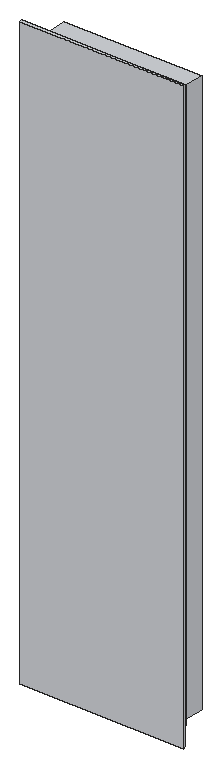
Revit family "M_Difusor de fornecimento - Parede lateral", category Terminais de ar, Revit 2019
Family settings
  Cota do conector redondo = Utilizar diâmetro
  Tipo de parte = Normal
  Número OmniClass = 23.75.70.21.27.11
  Título OmniClass = Diffusers, Registers, and Grilles
  ID de item do Seek = Supply Diffuser - Sidewall-0000-CAN-ENU
  Com base no plano de trabalho = Não
  Sempre na vertical = Sim
  Corte com vazios quando carregada = Não
  Compartilhado = Não
  Ponto de cálculo do ambiente = Não
Parameters (values of type "Padrão")
  Largura = 300 mm
  Queda de pressão [instance] = 5.0 Pa
  Fluxo mínimo = 32000.0 L/s
  Fluxo máximo = 150000.0 L/s
  Altura = 1200 mm
  Meia altura = Altura do duto / 2  # 600 mm
  Fluxo [instance] = 235.0 L/s
  Largura do duto = 300 mm
  Altura do duto = 1200 mm
  Assembly Code = ""
Reference planes
  plane 1 "Centro (Frente/Trás)": y = 0
  plane 2: z = 0
  plane 3 "Centro (Esquerda/Direita)": x = 0
  plane 4: x = -150
  plane 5: x = 150
  plane 6: z = 600
  plane 7: z = -600
  plane 8: x = 170.638
  plane 9: x = -170.638
  plane 10: z = 620.637
  plane 11: z = -620.637
  plane 12: y = -4.763
  plane 13: y = 27.384
  plane 14: x = -143.65
  plane 15: x = 143.65
  plane 16: z = 593.65
  plane 17: z = -593.65
  plane 18: y = 76.2
Forms (mm)
  Extrusion 1, solid
    sketch origin (0, 0, 0) x (1, 0, 0) y (0, 0, 1)
      loop
        line (-170.638, 620.637) -> (-170.638, -620.637) -> (170.638, -620.637) -> (170.638, 620.637) -> (-170.638, 620.637)
    from 0 to 4.763
  Extrusion 2, solid
    sketch origin (0, 0, 0) x (1, 0, 0) y (0, 0, 1)
      loop
        line (150, 600) -> (-150, 600) -> (-150, -600) -> (150, -600) -> (150, 600)
    from 0 to -27.384
  Extrusion 3, solid
    sketch origin (0, 0, 0) x (1, 0, 0) y (0, 0, 1)
      loop
        line (143.65, 593.65) -> (-143.65, 593.65) -> (-143.65, -593.65) -> (143.65, -593.65) -> (143.65, 593.65)
    from -76.2 to -27.384
Cuts and joins
  joined: Extrusion 1, Extrusion 2, Extrusion 3
Dimensions and locks
  equal spacing: plane 5, plane 3 "Centro (Esquerda/Direita)", plane 4
  "Largura do duto": plane 5 to plane 4
  locked: plane 8 to plane 5 at 20.637
  locked: plane 9 to plane 4 at 20.637
  locked: plane 10 to plane 6 at 20.637
  locked: plane 11 to plane 7 at 20.637
  locked: plane 12 to plane 1 "Centro (Frente/Trás)" at 4.763
  locked: plane 13 to plane 1 "Centro (Frente/Trás)" at 27.384
  locked: plane 14 to plane 4 at 6.35
  locked: plane 5 to plane 15 at 6.35
  locked: plane 17 to plane 7 at 6.35
  locked: plane 6 to plane 16 at 6.35
  plane 18 to plane 13 = 48.816 mm
  "Altura do duto": plane 6 to plane 7
  "Meia altura": plane 6 to level
  aligned and locked: plane 9 to Extrusion 1 sketch curve
  aligned and locked: plane 10 to Extrusion 1 sketch curve
  aligned and locked: plane 11 to Extrusion 1 sketch curve
  aligned and locked: Extrusion 1 sketch curve to plane 8
  aligned and locked: plane 12 to Extrusion 1
  aligned and locked: plane 5 to Extrusion 2 sketch curve
  aligned and locked: Extrusion 2 sketch curve to plane 6
  aligned and locked: plane 7 to Extrusion 2 sketch curve
  aligned and locked: Extrusion 2 sketch curve to plane 4
  aligned and locked: Extrusion 2 to plane 13
  aligned and locked: plane 15 to Extrusion 3 sketch curve
  aligned and locked: Extrusion 3 sketch curve to plane 16
  aligned and locked: plane 17 to Extrusion 3 sketch curve
  aligned and locked: Extrusion 3 sketch curve to plane 14
  aligned and locked: Extrusion 3 to plane 18
  aligned and locked: plane 13 to Extrusion 3
Connectors
  hvac at (0, 76.2, 0), driven by "Altura do duto", driven by "Largura do duto", driven by "Fluxo", driven by "Queda de pressão"
    settings: on cut or joined group of Extrusion 1, Extrusion 2, Extrusion 3, index 0, duct flow 235.0 L/s, flow factor 0, pres drop 5.0 Pa, loss coef 0, conn angle 0.00°, conn width 300 mm, conn height 1200 mm, conn diameter 609.6 mm, duct sys type 1, conn prof type 1, flow config 1, flow direction 1, loss method 4, conn ref index -1, conn util no, is conn primary yes, conn desc ""
Types in the file's own list only (529): name | Fluxo mínimo | Fluxo máximo | Meia altura | Largura do duto | Altura do duto
  100 x 100 | 11.0 L/s | 56.0 L/s | 50 mm | 100 mm | 100 mm
  100 x 150 | 16.0 L/s | 84.0 L/s | 75 mm | 100 mm | 150 mm
  100 x 200 | 22.0 L/s | 112.0 L/s | 100 mm | 100 mm | 200 mm
  100 x 250 | 28.0 L/s | 141.0 L/s | 125 mm | 100 mm | 250 mm
  100 x 300 | 33.0 L/s | 169.0 L/s | 150 mm | 100 mm | 300 mm
  100 x 350 | 39.0 L/s | 197.0 L/s | 175 mm | 100 mm | 350 mm
  100 x 400 | 45.0 L/s | 225.0 L/s | 200 mm | 100 mm | 400 mm
  100 x 450 | 50.0 L/s | 253.0 L/s | 225 mm | 100 mm | 450 mm
  100 x 500 | 56.0 L/s | 282.0 L/s | 250 mm | 100 mm | 500 mm
  100 x 550 | 62.0 L/s | 310.0 L/s | 275 mm | 100 mm | 550 mm
  100 x 600 | 67.0 L/s | 338.0 L/s | 300 mm | 100 mm | 600 mm
  100 x 650 | 73.0 L/s | 366.0 L/s | 325 mm | 100 mm | 650 mm
  100 x 700 | 79.0 L/s | 394.0 L/s | 350 mm | 100 mm | 700 mm
  100 x 750 | 84.0 L/s | 423.0 L/s | 375 mm | 100 mm | 750 mm
  100 x 800 | 90.0 L/s | 451.0 L/s | 400 mm | 100 mm | 800 mm
  100 x 850 | 95.0 L/s | 479.0 L/s | 425 mm | 100 mm | 850 mm
  100 x 900 | 101.0 L/s | 507.0 L/s | 450 mm | 100 mm | 900 mm
  100 x 950 | 107.0 L/s | 535.0 L/s | 475 mm | 100 mm | 950 mm
  100 x 1000 | 112.0 L/s | 564.0 L/s | 500 mm | 100 mm | 1000 mm
  100 x 1050 | 118.0 L/s | 592.0 L/s | 525 mm | 100 mm | 1050 mm
  100 x 1100 | 124.0 L/s | 620.0 L/s | 550 mm | 100 mm | 1100 mm
  100 x 1150 | 129.0 L/s | 648.0 L/s | 575 mm | 100 mm | 1150 mm
  100 x 1200 | 135.0 L/s | 676.0 L/s | 600 mm | 100 mm | 1200 mm
  150 x 100 | 16.0 L/s | 84.0 L/s | 50 mm | 150 mm | 100 mm
  150 x 150 | 26.0 L/s | 125.0 L/s | 75 mm | 150 mm | 150 mm
  150 x 200 | 31.0 L/s | 175.0 L/s | 100 mm | 150 mm | 200 mm
  150 x 250 | 47.0 L/s | 223.0 L/s | 125 mm | 150 mm | 250 mm
  150 x 300 | 57.0 L/s | 269.0 L/s | 150 mm | 150 mm | 300 mm
  150 x 350 | 67.0 L/s | 315.0 L/s | 175 mm | 150 mm | 350 mm
  150 x 400 | 80.0 L/s | 375.0 L/s | 200 mm | 150 mm | 400 mm
  150 x 450 | 89.0 L/s | 415.0 L/s | 225 mm | 150 mm | 450 mm
  150 x 500 | 102.0 L/s | 474.0 L/s | 250 mm | 150 mm | 500 mm
  150 x 550 | 109.0 L/s | 507.0 L/s | 275 mm | 150 mm | 550 mm
  150 x 600 | 124.0 L/s | 579.0 L/s | 300 mm | 150 mm | 600 mm
  150 x 650 | 110.0 L/s | 550.0 L/s | 325 mm | 150 mm | 650 mm
  150 x 700 | 118.0 L/s | 592.0 L/s | 350 mm | 150 mm | 700 mm
  150 x 750 | 157.0 L/s | 730.0 L/s | 375 mm | 150 mm | 750 mm
  150 x 800 | 172.0 L/s | 767.0 L/s | 400 mm | 150 mm | 800 mm
  150 x 850 | 182.0 L/s | 815.0 L/s | 425 mm | 150 mm | 850 mm
  150 x 900 | 190.0 L/s | 888.0 L/s | 450 mm | 150 mm | 900 mm
  150 x 950 | 204.0 L/s | 911.0 L/s | 475 mm | 150 mm | 950 mm
  150 x 1000 | 214.0 L/s | 959.0 L/s | 500 mm | 150 mm | 1000 mm
  150 x 1050 | 224.0 L/s | 1046.0 L/s | 525 mm | 150 mm | 1050 mm
  150 x 1100 | 236.0 L/s | 1055.0 L/s | 550 mm | 150 mm | 1100 mm
  150 x 1150 | 246.0 L/s | 1103.0 L/s | 575 mm | 150 mm | 1150 mm
  150 x 1200 | 257.0 L/s | 1198.0 L/s | 600 mm | 150 mm | 1200 mm
  200 x 100 | 29.0 L/s | 128.0 L/s | 50 mm | 200 mm | 100 mm
  200 x 150 | 32.0 L/s | 176.0 L/s | 75 mm | 200 mm | 150 mm
  200 x 200 | 52.0 L/s | 243.0 L/s | 100 mm | 200 mm | 200 mm
  200 x 250 | 71.0 L/s | 320.0 L/s | 125 mm | 200 mm | 250 mm
  200 x 300 | 80.0 L/s | 375.0 L/s | 150 mm | 200 mm | 300 mm
  200 x 350 | 100.0 L/s | 447.0 L/s | 175 mm | 200 mm | 350 mm
  200 x 400 | 114.0 L/s | 511.0 L/s | 200 mm | 200 mm | 400 mm
  200 x 450 | 124.0 L/s | 579.0 L/s | 225 mm | 200 mm | 450 mm
  200 x 500 | 143.0 L/s | 639.0 L/s | 250 mm | 200 mm | 500 mm
  200 x 550 | 157.0 L/s | 703.0 L/s | 275 mm | 200 mm | 550 mm
  200 x 600 | 172.0 L/s | 767.0 L/s | 300 mm | 200 mm | 600 mm
  200 x 650 | 186.0 L/s | 831.0 L/s | 325 mm | 200 mm | 650 mm
  200 x 700 | 200.0 L/s | 895.0 L/s | 350 mm | 200 mm | 700 mm
  200 x 750 | 210.0 L/s | 980.0 L/s | 375 mm | 200 mm | 750 mm
  200 x 800 | 228.0 L/s | 1023.0 L/s | 400 mm | 200 mm | 800 mm
  200 x 850 | 243.0 L/s | 1087.0 L/s | 425 mm | 200 mm | 850 mm
  200 x 900 | 257.0 L/s | 1198.0 L/s | 450 mm | 200 mm | 900 mm
  200 x 950 | 272.0 L/s | 1214.0 L/s | 475 mm | 200 mm | 950 mm
  200 x 1000 | 286.0 L/s | 1278.0 L/s | 500 mm | 200 mm | 1000 mm
  200 x 1050 | 302.0 L/s | 1408.0 L/s | 525 mm | 200 mm | 1050 mm
  200 x 1100 | 314.0 L/s | 1406.0 L/s | 550 mm | 200 mm | 1100 mm
  200 x 1150 | 329.0 L/s | 1470.0 L/s | 575 mm | 200 mm | 1150 mm
  200 x 1200 | 347.0 L/s | 1619.0 L/s | 600 mm | 200 mm | 1200 mm
  250 x 100 | 36.0 L/s | 160.0 L/s | 50 mm | 250 mm | 100 mm
  250 x 150 | 48.0 L/s | 224.0 L/s | 75 mm | 250 mm | 150 mm
  250 x 200 | 71.0 L/s | 320.0 L/s | 100 mm | 250 mm | 200 mm
  250 x 250 | 83.0 L/s | 388.0 L/s | 125 mm | 250 mm | 250 mm
  250 x 300 | 102.0 L/s | 474.0 L/s | 150 mm | 250 mm | 300 mm
  250 x 350 | 125.0 L/s | 559.0 L/s | 175 mm | 250 mm | 350 mm
  250 x 400 | 143.0 L/s | 639.0 L/s | 200 mm | 250 mm | 400 mm
  250 x 450 | 157.0 L/s | 730.0 L/s | 225 mm | 250 mm | 450 mm
  250 x 500 | 179.0 L/s | 799.0 L/s | 250 mm | 250 mm | 500 mm
  250 x 550 | 193.0 L/s | 901.0 L/s | 275 mm | 250 mm | 550 mm
  250 x 600 | 210.0 L/s | 980.0 L/s | 300 mm | 250 mm | 600 mm
  250 x 650 | 232.0 L/s | 1039.0 L/s | 325 mm | 250 mm | 650 mm
  250 x 700 | 250.0 L/s | 1119.0 L/s | 350 mm | 250 mm | 700 mm
  250 x 750 | 268.0 L/s | 1199.0 L/s | 375 mm | 250 mm | 750 mm
  250 x 800 | 286.0 L/s | 1278.0 L/s | 400 mm | 250 mm | 800 mm
  250 x 850 | 304.0 L/s | 1358.0 L/s | 425 mm | 250 mm | 850 mm
  250 x 900 | 323.0 L/s | 1507.0 L/s | 450 mm | 250 mm | 900 mm
  250 x 950 | 339.0 L/s | 1518.0 L/s | 475 mm | 250 mm | 950 mm
  250 x 1000 | 357.0 L/s | 1598.0 L/s | 500 mm | 250 mm | 1000 mm
  250 x 1050 | 375.0 L/s | 1678.0 L/s | 525 mm | 250 mm | 1050 mm
  250 x 1100 | 393.0 L/s | 1758.0 L/s | 550 mm | 250 mm | 1100 mm
  250 x 1150 | 411.0 L/s | 1838.0 L/s | 575 mm | 250 mm | 1150 mm
  250 x 1200 | 439.0 L/s | 2046.0 L/s | 600 mm | 250 mm | 1200 mm
  300 x 100 | 43.0 L/s | 192.0 L/s | 50 mm | 300 mm | 100 mm
  300 x 150 | 58.0 L/s | 270.0 L/s | 75 mm | 300 mm | 150 mm
  300 x 200 | 80.0 L/s | 375.0 L/s | 100 mm | 300 mm | 200 mm
  300 x 250 | 102.0 L/s | 474.0 L/s | 125 mm | 300 mm | 250 mm
  300 x 300 | 124.0 L/s | 579.0 L/s | 150 mm | 300 mm | 300 mm
  300 x 350 | 150.0 L/s | 671.0 L/s | 175 mm | 300 mm | 350 mm
  300 x 400 | 172.0 L/s | 767.0 L/s | 200 mm | 300 mm | 400 mm
  300 x 450 | 190.0 L/s | 888.0 L/s | 225 mm | 300 mm | 450 mm
  300 x 500 | 214.0 L/s | 959.0 L/s | 250 mm | 300 mm | 500 mm
  300 x 550 | 236.0 L/s | 1055.0 L/s | 275 mm | 300 mm | 550 mm
  300 x 600 | 257.0 L/s | 1198.0 L/s | 300 mm | 300 mm | 600 mm
  300 x 650 | 279.0 L/s | 1246.0 L/s | 325 mm | 300 mm | 650 mm
  300 x 700 | 300.0 L/s | 1342.0 L/s | 350 mm | 300 mm | 700 mm
  300 x 750 | 323.0 L/s | 1507.0 L/s | 375 mm | 300 mm | 750 mm
  300 x 800 | 343.0 L/s | 1534.0 L/s | 400 mm | 300 mm | 800 mm
  300 x 850 | 364.0 L/s | 1630.0 L/s | 425 mm | 300 mm | 850 mm
  300 x 900 | 388.0 L/s | 1810.0 L/s | 450 mm | 300 mm | 900 mm
  300 x 950 | 407.0 L/s | 1822.0 L/s | 475 mm | 300 mm | 950 mm
  300 x 1000 | 429.0 L/s | 1918.0 L/s | 500 mm | 300 mm | 1000 mm
  300 x 1050 | 454.0 L/s | 2118.0 L/s | 525 mm | 300 mm | 1050 mm
  300 x 1100 | 471.0 L/s | 2109.0 L/s | 550 mm | 300 mm | 1100 mm
  300 x 1150 | 493.0 L/s | 2205.0 L/s | 575 mm | 300 mm | 1150 mm
  300 x 1200 | 529.0 L/s | 2468.0 L/s | 600 mm | 300 mm | 1200 mm
  350 x 100 | 50.0 L/s | 224.0 L/s | 50 mm | 350 mm | 100 mm
  350 x 150 | 68.0 L/s | 316.0 L/s | 75 mm | 350 mm | 150 mm
  350 x 200 | 100.0 L/s | 447.0 L/s | 100 mm | 350 mm | 200 mm
  350 x 250 | 125.0 L/s | 559.0 L/s | 125 mm | 350 mm | 250 mm
  350 x 300 | 150.0 L/s | 671.0 L/s | 150 mm | 350 mm | 300 mm
  350 x 350 | 172.0 L/s | 803.0 L/s | 175 mm | 350 mm | 350 mm
  350 x 400 | 200.0 L/s | 895.0 L/s | 200 mm | 350 mm | 400 mm
  350 x 450 | 224.0 L/s | 1046.0 L/s | 225 mm | 350 mm | 450 mm
  350 x 500 | 250.0 L/s | 1119.0 L/s | 250 mm | 350 mm | 500 mm
  350 x 550 | 275.0 L/s | 1230.0 L/s | 275 mm | 350 mm | 550 mm
  350 x 600 | 302.0 L/s | 1408.0 L/s | 300 mm | 350 mm | 600 mm
  350 x 650 | 325.0 L/s | 1454.0 L/s | 325 mm | 350 mm | 650 mm
  350 x 700 | 350.0 L/s | 1566.0 L/s | 350 mm | 350 mm | 700 mm
  350 x 750 | 375.0 L/s | 1678.0 L/s | 375 mm | 350 mm | 750 mm
  350 x 800 | 400.0 L/s | 1790.0 L/s | 400 mm | 350 mm | 800 mm
  350 x 850 | 425.0 L/s | 1902.0 L/s | 425 mm | 350 mm | 850 mm
  350 x 900 | 454.0 L/s | 2118.0 L/s | 450 mm | 350 mm | 900 mm
  350 x 950 | 475.0 L/s | 2250.0 L/s | 475 mm | 350 mm | 950 mm
  350 x 1000 | 500.0 L/s | 2369.0 L/s | 500 mm | 350 mm | 1000 mm
  350 x 1050 | 525.0 L/s | 2487.0 L/s | 525 mm | 350 mm | 1050 mm
  350 x 1100 | 550.0 L/s | 2606.0 L/s | 550 mm | 350 mm | 1100 mm
  350 x 1150 | 575.0 L/s | 2724.0 L/s | 575 mm | 350 mm | 1150 mm
  350 x 1200 | 600.0 L/s | 2843.0 L/s | 600 mm | 350 mm | 1200 mm
  400 x 100 | 57.0 L/s | 271.0 L/s | 50 mm | 400 mm | 100 mm
  400 x 150 | 80.0 L/s | 375.0 L/s | 75 mm | 400 mm | 150 mm
  400 x 200 | 114.0 L/s | 511.0 L/s | 100 mm | 400 mm | 200 mm
  400 x 250 | 143.0 L/s | 639.0 L/s | 125 mm | 400 mm | 250 mm
  400 x 300 | 172.0 L/s | 767.0 L/s | 150 mm | 400 mm | 300 mm
  400 x 350 | 200.0 L/s | 895.0 L/s | 175 mm | 400 mm | 350 mm
  400 x 400 | 228.0 L/s | 1066.0 L/s | 200 mm | 400 mm | 400 mm
  400 x 450 | 257.0 L/s | 1198.0 L/s | 225 mm | 400 mm | 450 mm
  400 x 500 | 286.0 L/s | 1278.0 L/s | 250 mm | 400 mm | 500 mm
  400 x 550 | 314.0 L/s | 1406.0 L/s | 275 mm | 400 mm | 550 mm
  400 x 600 | 347.0 L/s | 1619.0 L/s | 300 mm | 400 mm | 600 mm
  400 x 650 | 371.0 L/s | 1662.0 L/s | 325 mm | 400 mm | 650 mm
  400 x 700 | 400.0 L/s | 1790.0 L/s | 350 mm | 400 mm | 700 mm
  400 x 750 | 439.0 L/s | 2046.0 L/s | 375 mm | 400 mm | 750 mm
  400 x 800 | 457.0 L/s | 2045.0 L/s | 400 mm | 400 mm | 800 mm
  400 x 850 | 486.0 L/s | 2173.0 L/s | 425 mm | 400 mm | 850 mm
  400 x 900 | 529.0 L/s | 2468.0 L/s | 450 mm | 400 mm | 900 mm
  400 x 950 | 543.0 L/s | 2572.0 L/s | 475 mm | 400 mm | 950 mm
  400 x 1000 | 572.0 L/s | 2707.0 L/s | 500 mm | 400 mm | 1000 mm
  400 x 1050 | 600.0 L/s | 2843.0 L/s | 525 mm | 400 mm | 1050 mm
  400 x 1100 | 629.0 L/s | 2978.0 L/s | 550 mm | 400 mm | 1100 mm
  400 x 1150 | 657.0 L/s | 3113.0 L/s | 575 mm | 400 mm | 1150 mm
  400 x 1200 | 686.0 L/s | 3249.0 L/s | 600 mm | 400 mm | 1200 mm
  450 x 100 | 64.0 L/s | 305.0 L/s | 50 mm | 450 mm | 100 mm
  450 x 150 | 89.0 L/s | 415.0 L/s | 75 mm | 450 mm | 150 mm
  450 x 200 | 124.0 L/s | 579.0 L/s | 100 mm | 450 mm | 200 mm
  450 x 250 | 157.0 L/s | 730.0 L/s | 125 mm | 450 mm | 250 mm
  450 x 300 | 190.0 L/s | 888.0 L/s | 150 mm | 450 mm | 300 mm
  450 x 350 | 224.0 L/s | 1046.0 L/s | 175 mm | 450 mm | 350 mm
  450 x 400 | 257.0 L/s | 1198.0 L/s | 200 mm | 450 mm | 400 mm
  450 x 450 | 292.0 L/s | 1362.0 L/s | 225 mm | 450 mm | 450 mm
  450 x 500 | 321.0 L/s | 1523.0 L/s | 250 mm | 450 mm | 500 mm
  450 x 550 | 353.0 L/s | 1675.0 L/s | 275 mm | 450 mm | 550 mm
  450 x 600 | 388.0 L/s | 1810.0 L/s | 300 mm | 450 mm | 600 mm
  450 x 650 | 418.0 L/s | 1980.0 L/s | 325 mm | 450 mm | 650 mm
  450 x 700 | 450.0 L/s | 2132.0 L/s | 350 mm | 450 mm | 700 mm
  450 x 750 | 494.0 L/s | 2303.0 L/s | 375 mm | 450 mm | 750 mm
  450 x 800 | 514.0 L/s | 2436.0 L/s | 400 mm | 450 mm | 800 mm
  450 x 850 | 547.0 L/s | 2589.0 L/s | 425 mm | 450 mm | 850 mm
  450 x 900 | 595.0 L/s | 2777.0 L/s | 450 mm | 450 mm | 900 mm
  450 x 950 | 611.0 L/s | 2893.0 L/s | 475 mm | 450 mm | 950 mm
  450 x 1000 | 643.0 L/s | 3046.0 L/s | 500 mm | 450 mm | 1000 mm
  450 x 1050 | 697.0 L/s | 3251.0 L/s | 525 mm | 450 mm | 1050 mm
  450 x 1100 | 707.0 L/s | 3350.0 L/s | 550 mm | 450 mm | 1100 mm
  450 x 1150 | 739.0 L/s | 3502.0 L/s | 575 mm | 450 mm | 1150 mm
  450 x 1200 | 798.0 L/s | 3724.0 L/s | 600 mm | 450 mm | 1200 mm
  500 x 100 | 71.0 L/s | 338.0 L/s | 50 mm | 500 mm | 100 mm
  500 x 150 | 102.0 L/s | 474.0 L/s | 75 mm | 500 mm | 150 mm
  500 x 200 | 143.0 L/s | 639.0 L/s | 100 mm | 500 mm | 200 mm
  500 x 250 | 179.0 L/s | 799.0 L/s | 125 mm | 500 mm | 250 mm
  500 x 300 | 214.0 L/s | 959.0 L/s | 150 mm | 500 mm | 300 mm
  500 x 350 | 250.0 L/s | 1119.0 L/s | 175 mm | 500 mm | 350 mm
  500 x 400 | 286.0 L/s | 1278.0 L/s | 200 mm | 500 mm | 400 mm
  500 x 450 | 321.0 L/s | 1438.0 L/s | 225 mm | 500 mm | 450 mm
  500 x 500 | 362.0 L/s | 1691.0 L/s | 250 mm | 500 mm | 500 mm
  500 x 550 | 393.0 L/s | 1758.0 L/s | 275 mm | 500 mm | 550 mm
  500 x 600 | 439.0 L/s | 2046.0 L/s | 300 mm | 500 mm | 600 mm
  500 x 650 | 464.0 L/s | 2200.0 L/s | 325 mm | 500 mm | 650 mm
  500 x 700 | 500.0 L/s | 2369.0 L/s | 350 mm | 500 mm | 700 mm
  500 x 750 | 536.0 L/s | 2538.0 L/s | 375 mm | 500 mm | 750 mm
  500 x 800 | 572.0 L/s | 2707.0 L/s | 400 mm | 500 mm | 800 mm
  500 x 850 | 607.0 L/s | 2876.0 L/s | 425 mm | 500 mm | 850 mm
  500 x 900 | 664.0 L/s | 3099.0 L/s | 450 mm | 500 mm | 900 mm
  500 x 950 | 679.0 L/s | 3215.0 L/s | 475 mm | 500 mm | 950 mm
  500 x 1000 | 714.0 L/s | 3384.0 L/s | 500 mm | 500 mm | 1000 mm
  500 x 1050 | 777.0 L/s | 3626.0 L/s | 525 mm | 500 mm | 1050 mm
  500 x 1100 | 786.0 L/s | 3722.0 L/s | 550 mm | 500 mm | 1100 mm
  500 x 1150 | 822.0 L/s | 3892.0 L/s | 575 mm | 500 mm | 1150 mm
  500 x 1200 | 857.0 L/s | 4061.0 L/s | 600 mm | 500 mm | 1200 mm
  550 x 100 | 78.0 L/s | 372.0 L/s | 50 mm | 550 mm | 100 mm
  550 x 150 | 109.0 L/s | 507.0 L/s | 75 mm | 550 mm | 150 mm
  550 x 200 | 157.0 L/s | 703.0 L/s | 100 mm | 550 mm | 200 mm
  550 x 250 | 193.0 L/s | 901.0 L/s | 125 mm | 550 mm | 250 mm
  550 x 300 | 236.0 L/s | 1055.0 L/s | 150 mm | 550 mm | 300 mm
  550 x 350 | 275.0 L/s | 1230.0 L/s | 175 mm | 550 mm | 350 mm
  550 x 400 | 314.0 L/s | 1406.0 L/s | 200 mm | 550 mm | 400 mm
  550 x 450 | 353.0 L/s | 1582.0 L/s | 225 mm | 550 mm | 450 mm
  550 x 500 | 393.0 L/s | 1758.0 L/s | 250 mm | 550 mm | 500 mm
  550 x 550 | 443.0 L/s | 2066.0 L/s | 275 mm | 550 mm | 550 mm
  550 x 600 | 484.0 L/s | 2257.0 L/s | 300 mm | 550 mm | 600 mm
  550 x 650 | 511.0 L/s | 2420.0 L/s | 325 mm | 550 mm | 650 mm
  550 x 700 | 550.0 L/s | 2606.0 L/s | 350 mm | 550 mm | 700 mm
  550 x 750 | 589.0 L/s | 2792.0 L/s | 375 mm | 550 mm | 750 mm
  550 x 800 | 629.0 L/s | 2978.0 L/s | 400 mm | 550 mm | 800 mm
  550 x 850 | 668.0 L/s | 3164.0 L/s | 425 mm | 550 mm | 850 mm
  550 x 900 | 707.0 L/s | 3350.0 L/s | 450 mm | 550 mm | 900 mm
  550 x 950 | 746.0 L/s | 3536.0 L/s | 475 mm | 550 mm | 950 mm
  550 x 1000 | 786.0 L/s | 3722.0 L/s | 500 mm | 550 mm | 1000 mm
  550 x 1050 | 825.0 L/s | 3909.0 L/s | 525 mm | 550 mm | 1050 mm
  550 x 1100 | 864.0 L/s | 4095.0 L/s | 550 mm | 550 mm | 1100 mm
  550 x 1150 | 942.0 L/s | 4395.0 L/s | 575 mm | 550 mm | 1150 mm
  550 x 1200 | 943.0 L/s | 4467.0 L/s | 600 mm | 550 mm | 1200 mm
  600 x 100 | 86.0 L/s | 406.0 L/s | 50 mm | 600 mm | 100 mm
  600 x 150 | 124.0 L/s | 579.0 L/s | 75 mm | 600 mm | 150 mm
  600 x 200 | 172.0 L/s | 812.0 L/s | 100 mm | 600 mm | 200 mm
  600 x 250 | 210.0 L/s | 980.0 L/s | 125 mm | 600 mm | 250 mm
  600 x 300 | 257.0 L/s | 1198.0 L/s | 150 mm | 600 mm | 300 mm
  600 x 350 | 302.0 L/s | 1408.0 L/s | 175 mm | 600 mm | 350 mm
  600 x 400 | 347.0 L/s | 1619.0 L/s | 200 mm | 600 mm | 400 mm
  600 x 450 | 388.0 L/s | 1810.0 L/s | 225 mm | 600 mm | 450 mm
  600 x 500 | 439.0 L/s | 2046.0 L/s | 250 mm | 600 mm | 500 mm
  600 x 550 | 484.0 L/s | 2257.0 L/s | 275 mm | 600 mm | 550 mm
  600 x 600 | 529.0 L/s | 2468.0 L/s | 300 mm | 600 mm | 600 mm
  600 x 650 | 557.0 L/s | 2640.0 L/s | 325 mm | 600 mm | 650 mm
  600 x 700 | 600.0 L/s | 2843.0 L/s | 350 mm | 600 mm | 700 mm
  600 x 750 | 664.0 L/s | 3099.0 L/s | 375 mm | 600 mm | 750 mm
  600 x 800 | 686.0 L/s | 3249.0 L/s | 400 mm | 600 mm | 800 mm
  600 x 850 | 729.0 L/s | 3452.0 L/s | 425 mm | 600 mm | 850 mm
  600 x 900 | 798.0 L/s | 3724.0 L/s | 450 mm | 600 mm | 900 mm
  600 x 950 | 815.0 L/s | 3858.0 L/s | 475 mm | 600 mm | 950 mm
  600 x 1000 | 857.0 L/s | 4061.0 L/s | 500 mm | 600 mm | 1000 mm
  600 x 1050 | 939.0 L/s | 4382.0 L/s | 525 mm | 600 mm | 1050 mm
  600 x 1100 | 943.0 L/s | 4467.0 L/s | 550 mm | 600 mm | 1100 mm
  600 x 1150 | 986.0 L/s | 4670.0 L/s | 575 mm | 600 mm | 1150 mm
  600 x 1200 | 1076.0 L/s | 5021.0 L/s | 600 mm | 600 mm | 1200 mm
  650 x 100 | 93.0 L/s | 440.0 L/s | 50 mm | 650 mm | 100 mm
  650 x 150 | 139.0 L/s | 660.0 L/s | 75 mm | 650 mm | 150 mm
  650 x 200 | 186.0 L/s | 880.0 L/s | 100 mm | 650 mm | 200 mm
  650 x 250 | 232.0 L/s | 1100.0 L/s | 125 mm | 650 mm | 250 mm
  650 x 300 | 279.0 L/s | 1320.0 L/s | 150 mm | 650 mm | 300 mm
  650 x 350 | 325.0 L/s | 1540.0 L/s | 175 mm | 650 mm | 350 mm
  650 x 400 | 371.0 L/s | 1760.0 L/s | 200 mm | 650 mm | 400 mm
  650 x 450 | 418.0 L/s | 1980.0 L/s | 225 mm | 650 mm | 450 mm
  650 x 500 | 464.0 L/s | 2200.0 L/s | 250 mm | 650 mm | 500 mm
  650 x 550 | 511.0 L/s | 2420.0 L/s | 275 mm | 650 mm | 550 mm
  650 x 600 | 557.0 L/s | 2640.0 L/s | 300 mm | 650 mm | 600 mm
  650 x 650 | 603.0 L/s | 2859.0 L/s | 325 mm | 650 mm | 650 mm
  650 x 700 | 650.0 L/s | 3079.0 L/s | 350 mm | 650 mm | 700 mm
  650 x 750 | 697.0 L/s | 3299.0 L/s | 375 mm | 650 mm | 750 mm
  650 x 800 | 743.0 L/s | 3519.0 L/s | 400 mm | 650 mm | 800 mm
  650 x 850 | 790.0 L/s | 3739.0 L/s | 425 mm | 650 mm | 850 mm
  650 x 900 | 836.0 L/s | 3959.0 L/s | 450 mm | 650 mm | 900 mm
  650 x 950 | 882.0 L/s | 4179.0 L/s | 475 mm | 650 mm | 950 mm
  650 x 1000 | 929.0 L/s | 4399.0 L/s | 500 mm | 650 mm | 1000 mm
  650 x 1050 | 975.0 L/s | 4619.0 L/s | 525 mm | 650 mm | 1050 mm
  650 x 1100 | 1022.0 L/s | 4839.0 L/s | 550 mm | 650 mm | 1100 mm
  650 x 1150 | 1068.0 L/s | 5059.0 L/s | 575 mm | 650 mm | 1150 mm
  650 x 1200 | 1114.0 L/s | 5279.0 L/s | 600 mm | 650 mm | 1200 mm
  700 x 100 | 100.0 L/s | 474.0 L/s | 50 mm | 700 mm | 100 mm
  700 x 150 | 150.0 L/s | 711.0 L/s | 75 mm | 700 mm | 150 mm
  700 x 200 | 200.0 L/s | 948.0 L/s | 100 mm | 700 mm | 200 mm
  700 x 250 | 250.0 L/s | 1184.0 L/s | 125 mm | 700 mm | 250 mm
  700 x 300 | 300.0 L/s | 1421.0 L/s | 150 mm | 700 mm | 300 mm
  700 x 350 | 350.0 L/s | 1658.0 L/s | 175 mm | 700 mm | 350 mm
  700 x 400 | 400.0 L/s | 1895.0 L/s | 200 mm | 700 mm | 400 mm
  700 x 450 | 450.0 L/s | 2132.0 L/s | 225 mm | 700 mm | 450 mm
  700 x 500 | 500.0 L/s | 2369.0 L/s | 250 mm | 700 mm | 500 mm
  700 x 550 | 550.0 L/s | 2606.0 L/s | 275 mm | 700 mm | 550 mm
  700 x 600 | 600.0 L/s | 2843.0 L/s | 300 mm | 700 mm | 600 mm
  700 x 650 | 650.0 L/s | 3079.0 L/s | 325 mm | 700 mm | 650 mm
  700 x 700 | 728.0 L/s | 3395.0 L/s | 350 mm | 700 mm | 700 mm
  700 x 750 | 777.0 L/s | 3626.0 L/s | 375 mm | 700 mm | 750 mm
  700 x 800 | 800.0 L/s | 3790.0 L/s | 400 mm | 700 mm | 800 mm
  700 x 850 | 850.0 L/s | 4027.0 L/s | 425 mm | 700 mm | 850 mm
  700 x 900 | 939.0 L/s | 4382.0 L/s | 450 mm | 700 mm | 900 mm
  700 x 950 | 950.0 L/s | 4501.0 L/s | 475 mm | 700 mm | 950 mm
  700 x 1000 | 1000.0 L/s | 4738.0 L/s | 500 mm | 700 mm | 1000 mm
  700 x 1050 | 1050.0 L/s | 4974.0 L/s | 525 mm | 700 mm | 1050 mm
  700 x 1100 | 1100.0 L/s | 5211.0 L/s | 550 mm | 700 mm | 1100 mm
  700 x 1150 | 1150.0 L/s | 5448.0 L/s | 575 mm | 700 mm | 1150 mm
  700 x 1200 | 1200.0 L/s | 5685.0 L/s | 600 mm | 700 mm | 1200 mm
  750 x 100 | 107.0 L/s | 508.0 L/s | 50 mm | 750 mm | 100 mm
  750 x 150 | 157.0 L/s | 730.0 L/s | 75 mm | 750 mm | 150 mm
  750 x 200 | 210.0 L/s | 980.0 L/s | 100 mm | 750 mm | 200 mm
  750 x 250 | 268.0 L/s | 1269.0 L/s | 125 mm | 750 mm | 250 mm
  750 x 300 | 323.0 L/s | 1507.0 L/s | 150 mm | 750 mm | 300 mm
  750 x 350 | 375.0 L/s | 1777.0 L/s | 175 mm | 750 mm | 350 mm
  750 x 400 | 439.0 L/s | 2046.0 L/s | 200 mm | 750 mm | 400 mm
  750 x 450 | 494.0 L/s | 2303.0 L/s | 225 mm | 750 mm | 450 mm
  750 x 500 | 536.0 L/s | 2538.0 L/s | 250 mm | 750 mm | 500 mm
  750 x 550 | 589.0 L/s | 2792.0 L/s | 275 mm | 750 mm | 550 mm
  750 x 600 | 664.0 L/s | 3099.0 L/s | 300 mm | 750 mm | 600 mm
  750 x 650 | 697.0 L/s | 3299.0 L/s | 325 mm | 750 mm | 650 mm
  750 x 700 | 777.0 L/s | 3626.0 L/s | 350 mm | 750 mm | 700 mm
  750 x 750 | 838.0 L/s | 3909.0 L/s | 375 mm | 750 mm | 750 mm
  750 x 800 | 857.0 L/s | 4061.0 L/s | 400 mm | 750 mm | 800 mm
  750 x 850 | 911.0 L/s | 4315.0 L/s | 425 mm | 750 mm | 850 mm
  750 x 900 | 1010.0 L/s | 4711.0 L/s | 450 mm | 750 mm | 900 mm
  750 x 950 | 1018.0 L/s | 4822.0 L/s | 475 mm | 750 mm | 950 mm
  750 x 1000 | 1072.0 L/s | 5076.0 L/s | 500 mm | 750 mm | 1000 mm
  750 x 1050 | 1182.0 L/s | 5514.0 L/s | 525 mm | 750 mm | 1050 mm
  750 x 1100 | 1179.0 L/s | 5584.0 L/s | 550 mm | 750 mm | 1100 mm
  750 x 1150 | 1232.0 L/s | 5837.0 L/s | 575 mm | 750 mm | 1150 mm
  750 x 1200 | 1354.0 L/s | 6317.0 L/s | 600 mm | 750 mm | 1200 mm
  800 x 100 | 114.0 L/s | 541.0 L/s | 50 mm | 800 mm | 100 mm
  800 x 150 | 172.0 L/s | 812.0 L/s | 75 mm | 800 mm | 150 mm
  800 x 200 | 228.0 L/s | 1083.0 L/s | 100 mm | 800 mm | 200 mm
  800 x 250 | 286.0 L/s | 1354.0 L/s | 125 mm | 800 mm | 250 mm
  800 x 300 | 343.0 L/s | 1624.0 L/s | 150 mm | 800 mm | 300 mm
  800 x 350 | 400.0 L/s | 1895.0 L/s | 175 mm | 800 mm | 350 mm
  800 x 400 | 457.0 L/s | 2166.0 L/s | 200 mm | 800 mm | 400 mm
  800 x 450 | 514.0 L/s | 2436.0 L/s | 225 mm | 800 mm | 450 mm
  800 x 500 | 572.0 L/s | 2707.0 L/s | 250 mm | 800 mm | 500 mm
  800 x 550 | 629.0 L/s | 2978.0 L/s | 275 mm | 800 mm | 550 mm
  800 x 600 | 686.0 L/s | 3249.0 L/s | 300 mm | 800 mm | 600 mm
  800 x 650 | 743.0 L/s | 3519.0 L/s | 325 mm | 800 mm | 650 mm
  800 x 700 | 800.0 L/s | 3790.0 L/s | 350 mm | 800 mm | 700 mm
  800 x 750 | 857.0 L/s | 4061.0 L/s | 375 mm | 800 mm | 750 mm
  800 x 800 | 956.0 L/s | 4461.0 L/s | 400 mm | 800 mm | 800 mm
  800 x 850 | 971.0 L/s | 4602.0 L/s | 425 mm | 800 mm | 850 mm
  800 x 900 | 1076.0 L/s | 5021.0 L/s | 450 mm | 800 mm | 900 mm
  800 x 950 | 1086.0 L/s | 5144.0 L/s | 475 mm | 800 mm | 950 mm
  800 x 1000 | 1143.0 L/s | 5414.0 L/s | 500 mm | 800 mm | 1000 mm
  800 x 1050 | 1200.0 L/s | 5685.0 L/s | 525 mm | 800 mm | 1050 mm
  800 x 1100 | 1257.0 L/s | 5956.0 L/s | 550 mm | 800 mm | 1100 mm
  800 x 1150 | 1315.0 L/s | 6227.0 L/s | 575 mm | 800 mm | 1150 mm
  800 x 1200 | 1371.0 L/s | 6497.0 L/s | 600 mm | 800 mm | 1200 mm
  850 x 100 | 121.0 L/s | 575.0 L/s | 50 mm | 850 mm | 100 mm
  850 x 150 | 182.0 L/s | 863.0 L/s | 75 mm | 850 mm | 150 mm
  850 x 200 | 243.0 L/s | 1151.0 L/s | 100 mm | 850 mm | 200 mm
  850 x 250 | 304.0 L/s | 1438.0 L/s | 125 mm | 850 mm | 250 mm
  850 x 300 | 364.0 L/s | 1726.0 L/s | 150 mm | 850 mm | 300 mm
  850 x 350 | 425.0 L/s | 2013.0 L/s | 175 mm | 850 mm | 350 mm
  850 x 400 | 486.0 L/s | 2301.0 L/s | 200 mm | 850 mm | 400 mm
  850 x 450 | 547.0 L/s | 2589.0 L/s | 225 mm | 850 mm | 450 mm
  850 x 500 | 607.0 L/s | 2876.0 L/s | 250 mm | 850 mm | 500 mm
  850 x 550 | 668.0 L/s | 3164.0 L/s | 275 mm | 850 mm | 550 mm
  850 x 600 | 729.0 L/s | 3452.0 L/s | 300 mm | 850 mm | 600 mm
  850 x 650 | 790.0 L/s | 3739.0 L/s | 325 mm | 850 mm | 650 mm
  850 x 700 | 850.0 L/s | 4027.0 L/s | 350 mm | 850 mm | 700 mm
  850 x 750 | 911.0 L/s | 4315.0 L/s | 375 mm | 850 mm | 750 mm
  850 x 800 | 971.0 L/s | 4602.0 L/s | 400 mm | 850 mm | 800 mm
  850 x 850 | 1083.0 L/s | 5053.0 L/s | 425 mm | 850 mm | 850 mm
  850 x 900 | 1148.0 L/s | 5356.0 L/s | 450 mm | 850 mm | 900 mm
  850 x 950 | 1154.0 L/s | 5465.0 L/s | 475 mm | 850 mm | 950 mm
  850 x 1000 | 1214.0 L/s | 5753.0 L/s | 500 mm | 850 mm | 1000 mm
  850 x 1050 | 1354.0 L/s | 6317.0 L/s | 525 mm | 850 mm | 1050 mm
  850 x 1100 | 1336.0 L/s | 6328.0 L/s | 550 mm | 850 mm | 1100 mm
  850 x 1150 | 1473.0 L/s | 6876.0 L/s | 575 mm | 850 mm | 1150 mm
  850 x 1200 | 1457.0 L/s | 6903.0 L/s | 600 mm | 850 mm | 1200 mm
  900 x 100 | 129.0 L/s | 609.0 L/s | 50 mm | 900 mm | 100 mm
  900 x 150 | 190.0 L/s | 888.0 L/s | 75 mm | 900 mm | 150 mm
  900 x 200 | 257.0 L/s | 1198.0 L/s | 100 mm | 900 mm | 200 mm
  900 x 250 | 323.0 L/s | 1507.0 L/s | 125 mm | 900 mm | 250 mm
  900 x 300 | 388.0 L/s | 1810.0 L/s | 150 mm | 900 mm | 300 mm
  900 x 350 | 454.0 L/s | 2118.0 L/s | 175 mm | 900 mm | 350 mm
  900 x 400 | 529.0 L/s | 2468.0 L/s | 200 mm | 900 mm | 400 mm
  900 x 450 | 595.0 L/s | 2777.0 L/s | 225 mm | 900 mm | 450 mm
  900 x 500 | 664.0 L/s | 3099.0 L/s | 250 mm | 900 mm | 500 mm
  900 x 550 | 707.0 L/s | 3350.0 L/s | 275 mm | 900 mm | 550 mm
  900 x 600 | 798.0 L/s | 3724.0 L/s | 300 mm | 900 mm | 600 mm
  900 x 650 | 836.0 L/s | 3959.0 L/s | 325 mm | 900 mm | 650 mm
  900 x 700 | 939.0 L/s | 4382.0 L/s | 350 mm | 900 mm | 700 mm
  900 x 750 | 1010.0 L/s | 4711.0 L/s | 375 mm | 900 mm | 750 mm
  900 x 800 | 1076.0 L/s | 5021.0 L/s | 400 mm | 900 mm | 800 mm
  900 x 850 | 1148.0 L/s | 5356.0 L/s | 425 mm | 900 mm | 850 mm
  900 x 900 | 1217.0 L/s | 5679.0 L/s | 450 mm | 900 mm | 900 mm
  900 x 950 | 1222.0 L/s | 5787.0 L/s | 475 mm | 900 mm | 950 mm
  900 x 1000 | 1286.0 L/s | 6091.0 L/s | 500 mm | 900 mm | 1000 mm
  900 x 1050 | 1424.0 L/s | 6646.0 L/s | 525 mm | 900 mm | 1050 mm
  900 x 1100 | 1415.0 L/s | 6700.0 L/s | 550 mm | 900 mm | 1100 mm
  900 x 1150 | 1479.0 L/s | 7005.0 L/s | 575 mm | 900 mm | 1150 mm
  900 x 1200 | 1631.0 L/s | 7613.0 L/s | 600 mm | 900 mm | 1200 mm
  950 x 100 | 136.0 L/s | 643.0 L/s | 50 mm | 950 mm | 100 mm
  950 x 150 | 204.0 L/s | 964.0 L/s | 75 mm | 950 mm | 150 mm
  950 x 200 | 272.0 L/s | 1286.0 L/s | 100 mm | 950 mm | 200 mm
  950 x 250 | 339.0 L/s | 1607.0 L/s | 125 mm | 950 mm | 250 mm
  950 x 300 | 407.0 L/s | 1929.0 L/s | 150 mm | 950 mm | 300 mm
  950 x 350 | 475.0 L/s | 2250.0 L/s | 175 mm | 950 mm | 350 mm
  950 x 400 | 543.0 L/s | 2572.0 L/s | 200 mm | 950 mm | 400 mm
  950 x 450 | 611.0 L/s | 2893.0 L/s | 225 mm | 950 mm | 450 mm
  950 x 500 | 679.0 L/s | 3215.0 L/s | 250 mm | 950 mm | 500 mm
  950 x 550 | 746.0 L/s | 3536.0 L/s | 275 mm | 950 mm | 550 mm
  950 x 600 | 815.0 L/s | 3858.0 L/s | 300 mm | 950 mm | 600 mm
  950 x 650 | 882.0 L/s | 4179.0 L/s | 325 mm | 950 mm | 650 mm
  950 x 700 | 950.0 L/s | 4501.0 L/s | 350 mm | 950 mm | 700 mm
  950 x 750 | 1018.0 L/s | 4822.0 L/s | 375 mm | 950 mm | 750 mm
  950 x 800 | 1086.0 L/s | 5144.0 L/s | 400 mm | 950 mm | 800 mm
  950 x 850 | 1154.0 L/s | 5465.0 L/s | 425 mm | 950 mm | 850 mm
  950 x 900 | 1222.0 L/s | 5787.0 L/s | 450 mm | 950 mm | 900 mm
  950 x 950 | 1359.0 L/s | 6343.0 L/s | 475 mm | 950 mm | 950 mm
  950 x 1000 | 1357.0 L/s | 6430.0 L/s | 500 mm | 950 mm | 1000 mm
  950 x 1050 | 1504.0 L/s | 7961.0 L/s | 525 mm | 950 mm | 1050 mm
  950 x 1100 | 1493.0 L/s | 7073.0 L/s | 550 mm | 950 mm | 1100 mm
  950 x 1150 | 1561.0 L/s | 7394.0 L/s | 575 mm | 950 mm | 1150 mm
  950 x 1200 | 1629.0 L/s | 7716.0 L/s | 600 mm | 950 mm | 1200 mm
  1000 x 100 | 143.0 L/s | 677.0 L/s | 50 mm | 1000 mm | 100 mm
  1000 x 150 | 214.0 L/s | 1015.0 L/s | 75 mm | 1000 mm | 150 mm
  1000 x 200 | 286.0 L/s | 1354.0 L/s | 100 mm | 1000 mm | 200 mm
  1000 x 250 | 357.0 L/s | 1692.0 L/s | 125 mm | 1000 mm | 250 mm
  1000 x 300 | 429.0 L/s | 2030.0 L/s | 150 mm | 1000 mm | 300 mm
  1000 x 350 | 500.0 L/s | 2369.0 L/s | 175 mm | 1000 mm | 350 mm
  1000 x 400 | 572.0 L/s | 2707.0 L/s | 200 mm | 1000 mm | 400 mm
  1000 x 450 | 643.0 L/s | 3046.0 L/s | 225 mm | 1000 mm | 450 mm
  1000 x 500 | 714.0 L/s | 3384.0 L/s | 250 mm | 1000 mm | 500 mm
  1000 x 550 | 786.0 L/s | 3722.0 L/s | 275 mm | 1000 mm | 550 mm
  1000 x 600 | 857.0 L/s | 4061.0 L/s | 300 mm | 1000 mm | 600 mm
  1000 x 650 | 929.0 L/s | 4399.0 L/s | 325 mm | 1000 mm | 650 mm
  1000 x 700 | 1000.0 L/s | 4738.0 L/s | 350 mm | 1000 mm | 700 mm
  1000 x 750 | 1072.0 L/s | 5076.0 L/s | 375 mm | 1000 mm | 750 mm
  1000 x 800 | 1143.0 L/s | 5414.0 L/s | 400 mm | 1000 mm | 800 mm
  1000 x 850 | 1214.0 L/s | 5753.0 L/s | 425 mm | 1000 mm | 850 mm
  1000 x 900 | 1286.0 L/s | 6091.0 L/s | 450 mm | 1000 mm | 900 mm
  1000 x 950 | 1357.0 L/s | 6430.0 L/s | 475 mm | 1000 mm | 950 mm
  1000 x 1000 | 1509.0 L/s | 7041.0 L/s | 500 mm | 1000 mm | 1000 mm
  1000 x 1050 | 1500.0 L/s | 7106.0 L/s | 525 mm | 1000 mm | 1050 mm
  1000 x 1100 | 1572.0 L/s | 7445.0 L/s | 550 mm | 1000 mm | 1100 mm
  1000 x 1150 | 1643.0 L/s | 7783.0 L/s | 575 mm | 1000 mm | 1150 mm
  1000 x 1200 | 1715.0 L/s | 8122.0 L/s | 600 mm | 1000 mm | 1200 mm
  1050 x 100 | 150.0 L/s | 711.0 L/s | 50 mm | 1050 mm | 100 mm
  1050 x 150 | 224.0 L/s | 1046.0 L/s | 75 mm | 1050 mm | 150 mm
  1050 x 200 | 302.0 L/s | 1408.0 L/s | 100 mm | 1050 mm | 200 mm
  1050 x 250 | 375.0 L/s | 1777.0 L/s | 125 mm | 1050 mm | 250 mm
  1050 x 300 | 454.0 L/s | 2118.0 L/s | 150 mm | 1050 mm | 300 mm
  1050 x 350 | 525.0 L/s | 2487.0 L/s | 175 mm | 1050 mm | 350 mm
  1050 x 400 | 600.0 L/s | 2843.0 L/s | 200 mm | 1050 mm | 400 mm
  1050 x 450 | 697.0 L/s | 3251.0 L/s | 225 mm | 1050 mm | 450 mm
  1050 x 500 | 777.0 L/s | 3626.0 L/s | 250 mm | 1050 mm | 500 mm
  1050 x 550 | 825.0 L/s | 3909.0 L/s | 275 mm | 1050 mm | 550 mm
  1050 x 600 | 939.0 L/s | 4382.0 L/s | 300 mm | 1050 mm | 600 mm
  1050 x 650 | 975.0 L/s | 4619.0 L/s | 325 mm | 1050 mm | 650 mm
  1050 x 700 | 1050.0 L/s | 4974.0 L/s | 350 mm | 1050 mm | 700 mm
  1050 x 750 | 1182.0 L/s | 5514.0 L/s | 375 mm | 1050 mm | 750 mm
  1050 x 800 | 1200.0 L/s | 5685.0 L/s | 400 mm | 1050 mm | 800 mm
  1050 x 850 | 1354.0 L/s | 6317.0 L/s | 425 mm | 1050 mm | 850 mm
  1050 x 900 | 1424.0 L/s | 6646.0 L/s | 450 mm | 1050 mm | 900 mm
  1050 x 950 | 1504.0 L/s | 7961.0 L/s | 475 mm | 1050 mm | 950 mm
  1050 x 1000 | 1500.0 L/s | 7106.0 L/s | 500 mm | 1050 mm | 1000 mm
  1050 x 1050 | 1667.0 L/s | 7778.0 L/s | 525 mm | 1050 mm | 1050 mm
  1050 x 1100 | 1650.0 L/s | 7817.0 L/s | 550 mm | 1050 mm | 1100 mm
  1050 x 1150 | 1725.0 L/s | 8172.0 L/s | 575 mm | 1050 mm | 1150 mm
  1050 x 1200 | 1909.0 L/s | 8909.0 L/s | 600 mm | 1050 mm | 1200 mm
  1100 x 100 | 157.0 L/s | 744.0 L/s | 50 mm | 1100 mm | 100 mm
  1100 x 150 | 236.0 L/s | 1117.0 L/s | 75 mm | 1100 mm | 150 mm
  1100 x 200 | 314.0 L/s | 1489.0 L/s | 100 mm | 1100 mm | 200 mm
  1100 x 250 | 393.0 L/s | 1861.0 L/s | 125 mm | 1100 mm | 250 mm
  1100 x 300 | 471.0 L/s | 2233.0 L/s | 150 mm | 1100 mm | 300 mm
  1100 x 350 | 550.0 L/s | 2606.0 L/s | 175 mm | 1100 mm | 350 mm
  1100 x 400 | 629.0 L/s | 2978.0 L/s | 200 mm | 1100 mm | 400 mm
  1100 x 450 | 707.0 L/s | 3350.0 L/s | 225 mm | 1100 mm | 450 mm
  1100 x 500 | 786.0 L/s | 3722.0 L/s | 250 mm | 1100 mm | 500 mm
  1100 x 550 | 864.0 L/s | 4095.0 L/s | 275 mm | 1100 mm | 550 mm
  1100 x 600 | 943.0 L/s | 4467.0 L/s | 300 mm | 1100 mm | 600 mm
  1100 x 650 | 1022.0 L/s | 4839.0 L/s | 325 mm | 1100 mm | 650 mm
  1100 x 700 | 1100.0 L/s | 5211.0 L/s | 350 mm | 1100 mm | 700 mm
  1100 x 750 | 1179.0 L/s | 5584.0 L/s | 375 mm | 1100 mm | 750 mm
  1100 x 800 | 1257.0 L/s | 5956.0 L/s | 400 mm | 1100 mm | 800 mm
  1100 x 850 | 1336.0 L/s | 6328.0 L/s | 425 mm | 1100 mm | 850 mm
  1100 x 900 | 1415.0 L/s | 6700.0 L/s | 450 mm | 1100 mm | 900 mm
  1100 x 950 | 1493.0 L/s | 7073.0 L/s | 475 mm | 1100 mm | 950 mm
  1100 x 1000 | 1572.0 L/s | 7445.0 L/s | 500 mm | 1100 mm | 1000 mm
  1100 x 1050 | 1650.0 L/s | 7817.0 L/s | 525 mm | 1100 mm | 1050 mm
  1100 x 1100 | 1832.0 L/s | 8547.0 L/s | 550 mm | 1100 mm | 1100 mm
  1100 x 1150 | 1808.0 L/s | 8562.0 L/s | 575 mm | 1100 mm | 1150 mm
  1100 x 1200 | 1886.0 L/s | 8934.0 L/s | 600 mm | 1100 mm | 1200 mm
  1150 x 100 | 165.0 L/s | 778.0 L/s | 50 mm | 1150 mm | 100 mm
  1150 x 150 | 246.0 L/s | 1167.0 L/s | 75 mm | 1150 mm | 150 mm
  1150 x 200 | 329.0 L/s | 1557.0 L/s | 100 mm | 1150 mm | 200 mm
  1150 x 250 | 411.0 L/s | 1946.0 L/s | 125 mm | 1150 mm | 250 mm
  1150 x 300 | 493.0 L/s | 2335.0 L/s | 150 mm | 1150 mm | 300 mm
  1150 x 350 | 575.0 L/s | 2724.0 L/s | 175 mm | 1150 mm | 350 mm
  1150 x 400 | 657.0 L/s | 3113.0 L/s | 200 mm | 1150 mm | 400 mm
  1150 x 450 | 739.0 L/s | 3502.0 L/s | 225 mm | 1150 mm | 450 mm
  1150 x 500 | 822.0 L/s | 3892.0 L/s | 250 mm | 1150 mm | 500 mm
  1150 x 550 | 942.0 L/s | 4395.0 L/s | 275 mm | 1150 mm | 550 mm
  1150 x 600 | 986.0 L/s | 4670.0 L/s | 300 mm | 1150 mm | 600 mm
  1150 x 650 | 1068.0 L/s | 5059.0 L/s | 325 mm | 1150 mm | 650 mm
  1150 x 700 | 1150.0 L/s | 5448.0 L/s | 350 mm | 1150 mm | 700 mm
  1150 x 750 | 1232.0 L/s | 5837.0 L/s | 375 mm | 1150 mm | 750 mm
  1150 x 800 | 1315.0 L/s | 6227.0 L/s | 400 mm | 1150 mm | 800 mm
  1150 x 850 | 1473.0 L/s | 6876.0 L/s | 425 mm | 1150 mm | 850 mm
  1150 x 900 | 1479.0 L/s | 7005.0 L/s | 450 mm | 1150 mm | 900 mm
  1150 x 950 | 1561.0 L/s | 7394.0 L/s | 475 mm | 1150 mm | 950 mm
  1150 x 1000 | 1643.0 L/s | 7783.0 L/s | 500 mm | 1150 mm | 1000 mm
  1150 x 1050 | 1725.0 L/s | 8172.0 L/s | 525 mm | 1150 mm | 1050 mm
  1150 x 1100 | 1808.0 L/s | 8562.0 L/s | 550 mm | 1150 mm | 1100 mm
  1150 x 1150 | 2005.0 L/s | 9357.0 L/s | 575 mm | 1150 mm | 1150 mm
  1150 x 1200 | 2094.0 L/s | 9771.0 L/s | 600 mm | 1150 mm | 1200 mm
  1200 x 100 | 172.0 L/s | 812.0 L/s | 50 mm | 1200 mm | 100 mm
  1200 x 150 | 257.0 L/s | 1198.0 L/s | 75 mm | 1200 mm | 150 mm
  1200 x 200 | 347.0 L/s | 1619.0 L/s | 100 mm | 1200 mm | 200 mm
  1200 x 250 | 439.0 L/s | 2046.0 L/s | 125 mm | 1200 mm | 250 mm
  1200 x 300 | 529.0 L/s | 2468.0 L/s | 150 mm | 1200 mm | 300 mm
  1200 x 350 | 600.0 L/s | 2843.0 L/s | 175 mm | 1200 mm | 350 mm
  1200 x 400 | 686.0 L/s | 3249.0 L/s | 200 mm | 1200 mm | 400 mm
  1200 x 450 | 798.0 L/s | 3724.0 L/s | 225 mm | 1200 mm | 450 mm
  1200 x 500 | 857.0 L/s | 4061.0 L/s | 250 mm | 1200 mm | 500 mm
  1200 x 550 | 943.0 L/s | 4467.0 L/s | 275 mm | 1200 mm | 550 mm
  1200 x 600 | 1076.0 L/s | 5021.0 L/s | 300 mm | 1200 mm | 600 mm
  1200 x 650 | 1114.0 L/s | 5279.0 L/s | 325 mm | 1200 mm | 650 mm
  1200 x 700 | 1200.0 L/s | 5685.0 L/s | 350 mm | 1200 mm | 700 mm
  1200 x 750 | 1354.0 L/s | 6317.0 L/s | 375 mm | 1200 mm | 750 mm
  1200 x 800 | 1371.0 L/s | 6497.0 L/s | 400 mm | 1200 mm | 800 mm
  1200 x 850 | 1457.0 L/s | 6903.0 L/s | 425 mm | 1200 mm | 850 mm
  1200 x 900 | 1631.0 L/s | 7613.0 L/s | 450 mm | 1200 mm | 900 mm
  1200 x 950 | 1629.0 L/s | 7716.0 L/s | 475 mm | 1200 mm | 950 mm
  1200 x 1000 | 1715.0 L/s | 8122.0 L/s | 500 mm | 1200 mm | 1000 mm
  1200 x 1050 | 1909.0 L/s | 8909.0 L/s | 525 mm | 1200 mm | 1050 mm
  1200 x 1100 | 1886.0 L/s | 8934.0 L/s | 550 mm | 1200 mm | 1100 mm
  1200 x 1150 | 2094.0 L/s | 9771.0 L/s | 575 mm | 1200 mm | 1150 mm
  1200 x 1200 | 2186.0 L/s | 10199.0 L/s | 600 mm | 1200 mm | 1200 mm
